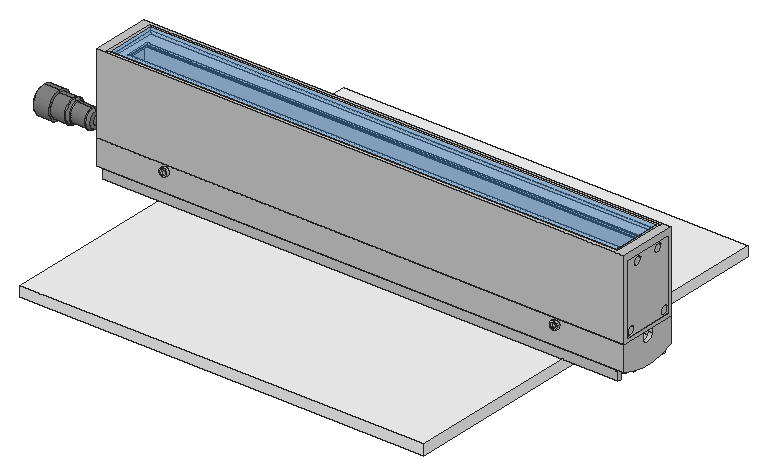
Revit family "BE_77152_de_DE", category Leuchten, Revit 2020
Family settings
  Basisbauteil = Fläche
  Bemaßung runder Anschluss = Durchmesser verwenden
  Teiletyp = Normal
  Beim Laden mit Abzugskörper schneiden = Ja
  Lichtquelle = Ja
  Gemeinsam genutzt = Nein
  Raumberechnungspunkt = Ja
Parameters (values of type "BEGA_77152_Silber_K3")
  built-in parameter 1150104 = 12.525 (stored number, unit not read)
  Wattage = 16.8 W
  Default Elevation = 0 mm
  built-in parameter 1150113 = 1 (stored number, unit not read)
  built-in parameter 1114218 = 1 (stored number, unit not read)
  Umgebungstemperatur = "25 °C"
  URL = "https://www.bega.com/de/produkt/77152"
  Typenkommentare = "© 2022 BEGA. Wir behalten uns das Recht vor, technische Änderungen ohne vorherige Ankündigung vorzunehmen."  # constant formula
  Type Image = 77152.png
  built-in parameter 1150134 = (empty or 0)
  built-in parameter 1150109 = 1 (stored number, unit not read)
  Strom = ""
  built-in parameter 1150110 = 1 (stored number, unit not read)
  Spannung = 239.996 V
  Sonderanfertigung = no
  Seriennummer [instance] = "Hier können Sie die eindeutige Seriennummer für das Facility Management eintragen."
  Schutzklasse = "I"
  Schutzart = "IP 65"
  Scheinlast = 0 VA
  Produktdatenblatt = "https://cdn.bega.com/bega/products/77152K3/current/documents/data-sheets/de"
  Oberflächentemperatur = ""
  Neigungswinkel = 0.00°
  Modell = "77152AK3"
  Material_18 = BEGA_Gummi_schwarz
  Material_17 = BEGA_Reflektor
  Material_15 = BEGA_Leuchtmedium_matt
  Material_11 = BEGA_Glas_opal
  Material_10 = BEGA_Glas_matt
  Material_09 = BEGA_Glas_klar
  Material_06 = BEGA_Oberfläche_Edelstahl_gebürstet
  Material_04 = BEGA_Kunststoff_Grafit_matt
  Material_03 = BEGA_Oberfläche_Weiss_matt
  Material_02 = BEGA_Oberfläche_Silber_matt
  Material_01 [instance] = BEGA_Oberfläche_Grafit_matt
  M_G = no
  M_A = yes
  Logo = 0
  built-in parameter 1114217 = 1 (stored number, unit not read)
  built-in parameter 1150139 = (empty or 0)
  built-in parameter 1150105 = 180.24 (stored number, unit not read)
  built-in parameter 1150114 = 1 (stored number, unit not read)
  Lumens = 2264.98 lm
  built-in parameter 1150115 = 1 (stored number, unit not read)
  Leuchtenlichtstrom = "1341 lm"
  Leuchtenanzahl = ""
  Lebensdauerkriterien = "L70B50 @ 25 °C = 200000 h"
  Lastklassifizierung = Beleuchtung
  built-in parameter 1150112 = 1 (stored number, unit not read)
  Lampenlichtstrom = "2595 lm"
  Lampe = "LED 13.4 W"
  LED_Modulbezeichnung = "LED-0928/830"
  built-in parameter 1150142 = (empty or 0)
  Hersteller = "BEGA"  # constant formula
  Halbstreuwinkel = ""
  Gewicht = "3.0 kg"
  Gebrauchslageneinschränkung [instance] = ""
  Frequenz = "0/50-60 Hz"
  Farbwiedergabeindex = "CRI > 80"
  Farbtemperaturverschiebung bei Dämpfen der Lampe = <Keine Auswahl>
  Farbtemperatur = "3000 K"
  Color Filter = 16777215
  built-in parameter 1150133 = 10 (stored number, unit not read)
  Energieeffizienzklasse = "LED A++ - A"
  built-in parameter 1150137 = (empty or 0)
  built-in parameter 1150132 = (empty or 0)
  ENEC = "ja"
  Dimmbar [instance] = "DALI"
  Datei für fotometrisches Netz = "BE_77152K3.IES"
  CE_Konformität = "ja"
  Bestellnummer = "77152AK3"
  Beschreibung_Sonderanfertigung = "Hier können Sie Informationen zur Sonderanfertigung eintragen."
  Beschreibung = "Fassadenscheinwerfer"
  built-in parameter 1150106 = 1.8024 (stored number, unit not read)
  Befestigungsbohrung = "Ø 7 mm"
  Befestigungsabstand = "395 mm"
  Ballwurfsicher = ""
  BEGA_Intern_aus = yes
  BEGA_Intern_an = yes
  BEGA_Intern_Konstruktion = yes
  BEGA_Intern = yes
  BEGA_IES = yes
  BEGA_Dummy = no
  Anschlussleitung = "0.5 m X05BQ-F 5 G 1 mm²"
  Anschlussleistung [instance] = "15.5 W"
  Anschlusskasten = ""
  built-in parameter 1150107 = 3000 (stored number, unit not read)
  built-in parameter 1150102 = (empty or 0)
  built-in parameter 1150138 = (empty or 0)
  Aktualisierung = "2022-05-19T04:00:07"
  Abstand_zur_angestrahlten_Fläche [instance] = ""
  AC/DC = "AC/DC"
Types (4, lengths in mm): name | built-in parameter 1150104 | built-in parameter 1150134 | Modell | M_G | M_A | built-in parameter 1150105 | Lumens | Leuchtenlichtstrom | Lampenlichtstrom | LED_Modulbezeichnung | Farbtemperatur | Datei für fotometrisches Netz | Bestellnummer | built-in parameter 1150106 | built-in parameter 1150107
  BEGA_77152_Grafit_K3 | 12.525 (stored number, unit not read) | (empty or 0) | "77152K3" | yes | no | 180.24 (stored number, unit not read) | 2264.98 lm | "1341 lm" | "2595 lm" | "LED-0928/830" | "3000 K" | "BE_77152K3.IES" | "77152K3" | 1.8024 (stored number, unit not read) | 3000 (stored number, unit not read)
  BEGA_77152_Silber_K4 | 13.686 (stored number, unit not read) | 12 | "77152AK4" | no | yes | 196.95 (stored number, unit not read) | 2474.98 lm | "1379 lm" | "2670 lm" | "LED-0928/840" | "4000 K" | "BE_77152K4.IES" | "77152AK4" | 1.9695 (stored number, unit not read) | 4000 (stored number, unit not read)
  BEGA_77152_Silber_K3 | 12.525 (stored number, unit not read) | (empty or 0) | "77152AK3" | no | yes | 180.24 (stored number, unit not read) | 2264.98 lm | "1341 lm" | "2595 lm" | "LED-0928/830" | "3000 K" | "BE_77152K3.IES" | "77152AK3" | 1.8024 (stored number, unit not read) | 3000 (stored number, unit not read)
  BEGA_77152_Grafit_K4 | 13.686 (stored number, unit not read) | 12 | "77152K4" | yes | no | 196.95 (stored number, unit not read) | 2474.98 lm | "1379 lm" | "2670 lm" | "LED-0928/840" | "4000 K" | "BE_77152K4.IES" | "77152K4" | 1.9695 (stored number, unit not read) | 4000 (stored number, unit not read)
Reference planes
  plane 1 "Mitte (Vorne/Hinten)": y = 0
  plane 2: z = 0
  plane 3 "Mitte (Links/Rechts)": x = 0
  plane 4 "Links": x = -261
  plane 5 "Rechts": x = 261
  plane 6 "Unten": y = -29
  plane 7 "Oben": y = 29
  plane 8 "Vorne": z = 113.3
  plane 9 "Hinten": z = -10
Forms (mm)
  Extrusion 1, solid, material "BEGA_Platte_Weiss"
    sketch origin (0, -1119.2, 0) x (1, 0, 0) y (0, 1, 0)
      loop
        line (-200, 1319.2) -> (-200, 919.2) -> (200, 919.2) -> (200, 1319.2) -> (-200, 1319.2)
    from 0 to -10
  Extrusion 2, solid, material "BEGA_Dummy_matt", visible <- "BEGA_Dummy"
    sketch origin (80.095, -76.023, 0) x (1, 0, 0) y (0, 1, 0)
      loop
        line (-341.095, 105.023) -> (-341.095, 47.023) -> (180.905, 47.023) -> (180.905, 105.023) -> (-341.095, 105.023)
    from 0 to 113.3
Dimensions and locks
  plane 1 "Mitte (Vorne/Hinten)" to Extrusion 1 = 200 mm
  aligned and locked: plane 2 to Extrusion 1
  aligned and locked: level to Extrusion 1
Nested families
  nested 1: "BE_77152_Scheinwerfer" at (0, 0, 0), type "BE_77152_Scheinwerfer"
Connectors
  electrical at (0, 0, 0), driven by "Lastklassifizierung", driven by "Spannung", driven by "Scheinlast"
    settings: index 1, voltage 239.996 V, apparent load 0 VA, apparent load phase1 0 VA, apparent load phase2 0 VA, apparent load phase3 0 VA, power factor 1, load classification "Beleuchtung", number of poles 1, system type 31, power factor state 1, is connector primary yes, connector utility no, sub classification motor no, connector description ""
Definition of nested family "BE_77152_Scheinwerfer"
  Parameters (values of type "BE_77152_Scheinwerfer")
    Default Elevation = 1 mm
    URL = "http://www.bega.de/de/produkt"
    Type Comments = "© 2015 BEGA. Wir behalten uns das Recht vor, technische Änderungen ohne vorherige Ankündigung vorzunehmen. "  # constant formula
    Type Image = (empty or 0)
    Material_18 = none
    Material_17 = none
    Material_15 = none
    Material_11 = none
    Material_10 = none
    Material_09 = none
    Material_06 = none
    Material_04 = none
    Material_03 = none
    Material_02 = none
    Material_01 = none
    M_W = yes
    M_G = yes
    M_A = yes
    Länge_Platte = 600 mm  # constant formula
    Höhe_Platte = -10 mm  # constant formula
    Manufacturer = "BEGA"  # constant formula
    Breite_Platte = 200 mm  # constant formula
  Reference planes
    plane 1 "Mitte (Oben/Unten)": y = 0
    plane 2: z = 0
    plane 3 "Mitte (Links/Rechts)": x = 0
    plane 4: x = -342.9
    plane 5: x = 261
    plane 6: z = 113.3
    plane 7: y = -29
    plane 8: y = 29
  Forms (mm)
    Extrusion 1, solid, detail levels medium
      sketch origin (0, 0, 0) x (1, 0, 0) y (0, 1, 0)
        loop
          line (-300, 100) -> (-300, -100) -> (300, -100) -> (300, 100) -> (-300, 100)
      from 0 to -10 <- "Höhe_Platte"
    Extrusion 2, solid, material <- "Material_01", visible <- "M_G", detail levels medium+fine
      sketch origin (0, 0, 0) x (0, 1, 0) y (0, 0, 1)
        loop
          line (-29, 0) -> (-26.3, 0) -> (-26.3, 4.91)
          arc (-26.3, 4.91) -> (-26.086, 5.32) -> (-25.627, 5.379) r 0.5
          arc (-25.627, 5.379) -> (-17.92, 3.003) -> (-10, 1.479) r 74
          line (-10, 1.479) -> (-10, 0.2) -> (10, 0.2) -> (10, 1.482)
          arc (10, 1.482) -> (17.921, 3.006) -> (25.629, 5.383) r 73.998
          arc (25.629, 5.383) -> (26.086, 5.326) -> (26.299, 4.918) r 0.497
          line (26.299, 4.918) -> (26.299, 0) -> (29, 0) -> (29, 8.899)
          arc (29, 8.899) -> (28.775, 9.317) -> (28.302, 9.358) r 0.5
          arc (28.302, 9.358) -> (0, 3.5) -> (-28.301, 9.358) r 71.3
          arc (-28.301, 9.358) -> (-28.774, 9.317) -> (-29, 8.899) r 0.5
          line (-29, 8.899) -> (-29, 0)
      from -255 to 255
    Extrusion 3, solid, material <- "Material_01", visible <- "M_G", detail levels medium+fine
      sketch origin (0, 0, 0) x (0, 1, 0) y (0, 0, 1)
        loop
          arc (-29, 9.993) -> (0, 3.8) -> (29, 9.993) r 71
          line (29, 9.993) -> (29, 34.8) -> (25.401, 34.8) -> (25.401, 12.395)
          arc (25.401, 12.395) -> (0, 7.696) -> (-25.401, 12.395) r 71
          line (-25.401, 12.395) -> (-25.401, 34.8) -> (-29, 34.8) -> (-29, 9.993)
      from -261 to 261
    Sweep 4, solid, material <- "Material_01", visible <- "M_G", detail levels medium+fine
      path origin (0, 0, 0) x (1, 0, 0) y (0, 1, 0)
        loop
          line (-261, 29) -> (-261, -29) -> (261, -29) -> (261, 29) -> (-261, 29)
      profile origin (-261, 0, 0) x (1, 0, 0) y (0, 0, 1)
        loop
          line (0, 113.3) -> (0, 34.8) -> (11, 34.8) -> (11, 40.679) -> (3.5, 40.679) -> (3.5, 103.406) -> (17.035, 103.406)
          arc (17.035, 103.406) -> (17.719, 103.711) -> (18, 104.406) r 1
          line (18, 104.406) -> (18, 105.896)
          arc (18, 105.896) -> (17.713, 106.596) -> (17.017, 106.895) r 1
          line (17.017, 106.895) -> (11.125, 106.895) -> (8.794, 113.3) -> (0, 113.3)
    Extrusion 5, void
      sketch origin (0, 0, 0) x (1, 0, 0) y (0, 0, 1)
        loop
          line (261, 37.756) -> (261, 107.746) -> (258.218, 107.746) -> (258.218, 37.756) -> (261, 37.756)
      from -26.267 to 26.244
    Extrusion 6, solid, material <- "Material_01", visible <- "M_G", detail levels medium+fine
      sketch origin (0, 0, 0) x (1, 0, 0) y (0, 0, 1)
        loop
          line (260.719, 106.748) -> (258.218, 106.748) -> (258.218, 38.353) -> (260.719, 38.353) -> (260.719, 106.748)
      from -25.5 to 25.5
    Extrusion 7, solid, material <- "Material_01", visible <- "M_G", detail levels medium+fine
      sketch origin (0, 0, 0) x (0, 1, 0) y (0, 0, 1)
        loop
          line (-29, 34.8) -> (-29, 9.993)
          arc (-29, 9.993) -> (0, 3.8) -> (29, 9.993) r 71
          line (29, 9.993) -> (29, 34.8) -> (6, 34.8) -> (6, 29.8)
          arc (6, 29.8) -> (0, 23.8) -> (-6, 29.8) r 6
          line (-6, 29.8) -> (-6, 34.8) -> (-29, 34.8)
      from 257 to 261
    Extrusion 8, solid, material <- "Material_01", visible <- "M_G", detail levels medium+fine
      sketch origin (0, 0, 0) x (0, 1, 0) y (0, 0, -1)
        loop
          line (-29, -34.8) -> (-6, -34.8) -> (-6, -29.8)
          arc (-6, -29.8) -> (0, -23.8) -> (6, -29.8) r 6
          line (6, -29.8) -> (6, -34.8) -> (29, -34.8) -> (29, -10.487)
          arc (29, -10.487) -> (0, -4.294) -> (-29, -10.487) r 71
          line (-29, -10.487) -> (-29, -34.8)
      from 257 to 261
    Extrusion 9, void
      sketch origin (0, 0, 0) x (1, 0, 0) y (0, 1, 0)
        loop
          circle (0, 0) r 7.5
        loop
          circle (-200, 0) r 3.5
        loop
          circle (200, 0) r 3.5
      from 0 to 10
    Revolve 10, solid, material <- "Material_01", visible <- "M_G", detail levels medium+fine
      sketch origin (-193, 0, 0) x (0, 1, 0) y (0, 0, 1)
        loop
          line (-31.453, 32.75) -> (-31.453, 31.8) -> (-27.5, 31.8) -> (-27.5, 32.75) -> (-31.453, 32.75)
        axis (-31.453, 28.8) -> (-27.5, 28.8)
      angle from 0 to 360
    Revolve 11, solid, material <- "Material_01", visible <- "M_G", detail levels medium+fine
      sketch origin (193, 0, 0) x (0, 1, 0) y (0, 0, -1)
        loop
          line (-31.453, -32.75) -> (-27.5, -32.75) -> (-27.5, -31.8) -> (-31.453, -31.8) -> (-31.453, -32.75)
        axis (-31.453, -28.8) -> (-27.5, -28.8)
      angle from 0 to 360
    Revolve 12, solid, material <- "Material_06", detail levels fine
      sketch origin (-193, 0, 0) x (0, 1, 0) y (0, 0, 1)
        loop
          line (-30.053, 31.8) -> (-30.053, 28.8) -> (-26.193, 28.8) -> (-26.193, 31.8) -> (-30.053, 31.8)
        axis (-30.053, 28.8) -> (-26.193, 28.8)
      angle from 0 to 360
    Revolve 13, solid, material <- "Material_06", detail levels fine
      sketch origin (193, 0, 0) x (0, 1, 0) y (0, 0, -1)
        loop
          line (-30.053, -31.8) -> (-26.193, -31.8) -> (-26.193, -28.8) -> (-30.053, -28.8) -> (-30.053, -31.8)
        axis (-30.053, -28.8) -> (-26.193, -28.8)
      angle from 0 to 360
    Revolve 14, solid, material <- "Material_04", detail levels medium+fine
      sketch origin (0, 0, 0) x (1, 0, 0) y (0, 0, 1)
        loop
          line (-320.8, 43.3) -> (-335.5, 43.3) -> (-336.7, 42.1) -> (-336.7, 32.8) -> (-342.9, 32.8) -> (-342.9, 29.8) -> (-260.5, 29.8) -> (-260.5, 34.15) -> (-284, 34.15) -> (-284, 37.8) -> (-287, 39.3) -> (-288, 39.3)
          arc (-288, 39.3) -> (-288.146, 38.947) -> (-288.5, 38.8) r 0.5
          line (-288.5, 38.8) -> (-302.464, 38.8)
          arc (-302.464, 38.8) -> (-303.418, 38.99) -> (-304.228, 39.528) r 2.5
          line (-304.228, 39.528) -> (-305.707, 41.008)
          arc (-305.707, 41.008) -> (-306.032, 41.224) -> (-306.414, 41.3) r 1
          line (-306.414, 41.3) -> (-320, 41.3) -> (-320, 39.8) -> (-320.8, 39.8) -> (-320.8, 43.3)
        axis (-342.9, 29.8) -> (-260.5, 29.8)
      angle from 0 to 360
    Revolve 15, void
      sketch origin (0, -12.5, -0.101) x (1, 0, 0) y (0, 0, 1)
        loop
          line (261.225, 106.482) -> (258.494, 103.752) -> (258.494, 101.902) -> (261.225, 101.902) -> (261.225, 106.482)
        axis (258.494, 101.902) -> (261.225, 101.902)
      angle from 0 to 360
    Revolve 16, void
      sketch origin (0, 12.5, -0.101) x (1, 0, 0) y (0, 0, -1)
        loop
          line (261.225, -106.482) -> (261.225, -101.902) -> (258.494, -101.902) -> (258.494, -103.752) -> (261.225, -106.482)
        axis (258.494, -101.902) -> (261.225, -101.902)
      angle from 0 to 360
    Revolve 17, void
      sketch origin (0, -20.5, -58.602) x (1, 0, 0) y (0, 0, 1)
        loop
          line (261.225, 106.482) -> (258.494, 103.752) -> (258.494, 101.902) -> (261.225, 101.902) -> (261.225, 106.482)
        axis (258.494, 101.902) -> (261.225, 101.902)
      angle from 0 to 360
    Revolve 18, void
      sketch origin (0, 20.5, -58.602) x (1, 0, 0) y (0, 0, -1)
        loop
          line (261.225, -106.482) -> (261.225, -101.902) -> (258.494, -101.902) -> (258.494, -103.752) -> (261.225, -106.482)
        axis (258.494, -101.902) -> (261.225, -101.902)
      angle from 0 to 360
    Extrusion 19, solid, material <- "Material_06", detail levels fine
      sketch origin (0, 0, 0) x (0, 1, 0) y (0, 0, 1)
        loop
          circle (-12.5, 101.8) r 4.009
        loop
          circle (12.5, 101.8) r 4.009
        loop
          circle (-20.5, 43.3) r 4.009
        loop
          circle (20.5, 43.3) r 4.009
      from 259.244 to 260.506
    Extrusion 20, solid, material <- "Material_10", detail levels medium+fine
      sketch origin (0, 0, 0) x (1, 0, 0) y (0, 0, 1)
        loop
          line (-250.25, 113) -> (-250.25, 109) -> (250.25, 109) -> (250.25, 113) -> (-250.25, 113)
      from -25 to 25
    Sweep 21, void
      path origin (0, 0, 0) x (1, 0, 0) y (0, 1, 0)
        loop
          line (255, 29) -> (-255, 29) -> (-255, -29) -> (255, -29) -> (255, 29)
      profile origin (0, 29, 0) x (0, -1, 0) y (0, 0, 1)
        loop
          line (12.06, 106.895) -> (9.517, 113.881) -> (2.237, 113.881) -> (4.779, 106.895) -> (12.06, 106.895)
    Extrusion 22, solid, material <- "Material_02", visible <- "M_A", detail levels medium+fine
      sketch origin (0, 0, 0) x (0, 1, 0) y (0, 0, 1)
        loop
          line (-29, 0) -> (-26.3, 0) -> (-26.3, 4.91)
          arc (-26.3, 4.91) -> (-26.086, 5.32) -> (-25.627, 5.379) r 0.5
          arc (-25.627, 5.379) -> (-17.92, 3.003) -> (-10, 1.479) r 74
          line (-10, 1.479) -> (-10, 0.2) -> (10, 0.2) -> (10, 1.482)
          arc (10, 1.482) -> (17.921, 3.006) -> (25.629, 5.383) r 73.998
          arc (25.629, 5.383) -> (26.086, 5.326) -> (26.299, 4.918) r 0.497
          line (26.299, 4.918) -> (26.299, 0) -> (29, 0) -> (29, 8.899)
          arc (29, 8.899) -> (28.775, 9.317) -> (28.302, 9.358) r 0.5
          arc (28.302, 9.358) -> (0, 3.5) -> (-28.301, 9.358) r 71.3
          arc (-28.301, 9.358) -> (-28.774, 9.317) -> (-29, 8.899) r 0.5
          line (-29, 8.899) -> (-29, 0)
      from -255 to 255
    Extrusion 23, solid, material <- "Material_02", visible <- "M_A", detail levels medium+fine
      sketch origin (0, 0, 0) x (0, 1, 0) y (0, 0, 1)
        loop
          arc (-29, 9.993) -> (0, 3.8) -> (29, 9.993) r 71
          line (29, 9.993) -> (29, 34.8) -> (25.401, 34.8) -> (25.401, 12.395)
          arc (25.401, 12.395) -> (0, 7.696) -> (-25.401, 12.395) r 71
          line (-25.401, 12.395) -> (-25.401, 34.8) -> (-29, 34.8) -> (-29, 9.993)
      from -261 to 261
    Extrusion 24, solid, material <- "Material_02", visible <- "M_A", detail levels medium+fine
      sketch origin (0, 0, 0) x (0, 1, 0) y (0, 0, 1)
        loop
          line (-29, 34.8) -> (-29, 9.993)
          arc (-29, 9.993) -> (0, 3.8) -> (29, 9.993) r 71
          line (29, 9.993) -> (29, 34.8) -> (6, 34.8) -> (6, 29.8)
          arc (6, 29.8) -> (0, 23.8) -> (-6, 29.8) r 6
          line (-6, 29.8) -> (-6, 34.8) -> (-29, 34.8)
      from 257 to 261
    Extrusion 25, solid, material <- "Material_02", visible <- "M_A", detail levels medium+fine
      sketch origin (0, 0, 0) x (0, 1, 0) y (0, 0, -1)
        loop
          line (-29, -34.8) -> (-6, -34.8) -> (-6, -29.8)
          arc (-6, -29.8) -> (0, -23.8) -> (6, -29.8) r 6
          line (6, -29.8) -> (6, -34.8) -> (29, -34.8) -> (29, -10.487)
          arc (29, -10.487) -> (0, -4.294) -> (-29, -10.487) r 71
          line (-29, -10.487) -> (-29, -34.8)
      from 257 to 261
    Revolve 26, solid, material <- "Material_02", visible <- "M_A", detail levels medium+fine
      sketch origin (-193, 0, 0) x (0, 1, 0) y (0, 0, 1)
        loop
          line (-31.453, 32.75) -> (-31.453, 31.8) -> (-27.5, 31.8) -> (-27.5, 32.75) -> (-31.453, 32.75)
        axis (-31.453, 28.8) -> (-27.5, 28.8)
      angle from 0 to 360
    Revolve 27, solid, material <- "Material_02", visible <- "M_A", detail levels medium+fine
      sketch origin (193, 0, 0) x (0, 1, 0) y (0, 0, -1)
        loop
          line (-31.453, -32.75) -> (-27.5, -32.75) -> (-27.5, -31.8) -> (-31.453, -31.8) -> (-31.453, -32.75)
        axis (-31.453, -28.8) -> (-27.5, -28.8)
      angle from 0 to 360
    Sweep 28, solid, material <- "Material_02", visible <- "M_A", detail levels medium+fine
      path origin (0, 0, 0) x (1, 0, 0) y (0, 1, 0)
        loop
          line (-261, 29) -> (-261, -29) -> (261, -29) -> (261, 29) -> (-261, 29)
      profile origin (-261, 0, 0) x (1, 0, 0) y (0, 0, 1)
        loop
          line (0, 113.3) -> (0, 34.8) -> (11, 34.8) -> (11, 40.679) -> (3.5, 40.679) -> (3.5, 103.406) -> (17.035, 103.406)
          arc (17.035, 103.406) -> (17.719, 103.711) -> (18, 104.406) r 1
          line (18, 104.406) -> (18, 105.896)
          arc (18, 105.896) -> (17.713, 106.596) -> (17.017, 106.895) r 1
          line (17.017, 106.895) -> (11.125, 106.895) -> (8.794, 113.3) -> (0, 113.3)
    Extrusion 29, solid, material <- "Material_02", visible <- "M_A", detail levels medium+fine
      sketch origin (0, 0, 0) x (1, 0, 0) y (0, 0, 1)
        loop
          line (260.719, 106.748) -> (258.218, 106.748) -> (258.218, 38.353) -> (260.719, 38.353) -> (260.719, 106.748)
      from -25.5 to 25.5
  Cuts and joins
    Extrusion 5, Sweep 21 cuts Sweep 4
    Extrusion 9 cuts Extrusion 3
    Extrusion 9 cuts Extrusion 7
    Extrusion 9 cuts Extrusion 8
    joined: Extrusion 3, Extrusion 7, Extrusion 8, Revolve 10, Revolve 11
    Extrusion 9 cuts Extrusion 2
    Revolve 15, Revolve 16, Revolve 17, Revolve 18 cuts Extrusion 6
    Extrusion 9 cuts Extrusion 22
    joined: Extrusion 23, Extrusion 24, Extrusion 25, Revolve 26, Revolve 27
    Extrusion 5, Sweep 21 cuts Sweep 28
    Revolve 15, Revolve 16, Revolve 17, Revolve 18 cuts Extrusion 29
  Dimensions and locks
    equal spacing: Extrusion 1 sketch curve, plane 3 "Mitte (Links/Rechts)", Extrusion 1 sketch curve
    equal spacing: Extrusion 1 sketch curve, plane 1 "Mitte (Oben/Unten)", Extrusion 1 sketch curve
    "Länge_Platte": Extrusion 1 sketch curve to Extrusion 1 sketch curve
    "Breite_Platte": Extrusion 1 sketch curve to Extrusion 1 sketch curve
    level to Extrusion 3 = 34.8 mm
    aligned and locked: Extrusion 1 to plane 2
    aligned and locked: level to Extrusion 1
  Automatic sketch dimensions
    Extrusion 2 sketch curve to Extrusion 2 sketch curve = 0 mm  (x5)
    Extrusion 2 sketch curve to level = 0 mm  (x2)
    level to Extrusion 2 sketch curve = 8.899 mm
    plane 1 "Mitte (Oben/Unten)" to Extrusion 2 sketch curve = 29 mm
    Extrusion 2 sketch curve to Extrusion 2 sketch curve = 0.5 mm  (x2)
    Extrusion 2 sketch curve to Extrusion 2 sketch curve = 2.7 mm
    level to Extrusion 2 sketch curve = 0.2 mm
    plane 1 "Mitte (Oben/Unten)" to Extrusion 2 sketch curve = 10 mm
    Extrusion 2 sketch curve to plane 1 "Mitte (Oben/Unten)" = 0 mm  (x2)
    Extrusion 2 sketch curve to plane 1 "Mitte (Oben/Unten)" = 10 mm
    level to Extrusion 2 sketch curve = 4.918 mm
    Extrusion 2 sketch curve to Extrusion 2 sketch curve = 15.802 mm
    Extrusion 2 sketch curve to Extrusion 2 sketch curve = 0.497 mm
    Extrusion 2 sketch curve to Extrusion 2 sketch curve = 2.201 mm
    Extrusion 2 sketch curve to Extrusion 2 sketch curve = 2.701 mm
    Extrusion 2 sketch curve to Extrusion 2 sketch curve = 1.279 mm
    Extrusion 2 sketch curve to Extrusion 2 sketch curve = 1.282 mm
    Extrusion 2 sketch curve to Extrusion 2 sketch curve = 3.989 mm
    Extrusion 2 sketch curve to Extrusion 2 sketch curve = 3.981 mm
    Extrusion 2 sketch curve to Extrusion 2 sketch curve = 65.901 mm
    Extrusion 2 sketch curve to Extrusion 2 sketch curve = 0.002 mm
    Extrusion 2 sketch curve to Extrusion 2 sketch curve = 0.198 mm  (x2)
    Extrusion 3 sketch curve to plane 1 "Mitte (Oben/Unten)" = 0 mm  (x2)
    plane 1 "Mitte (Oben/Unten)" to Extrusion 3 sketch curve = 25.401 mm
    Extrusion 3 sketch curve to Extrusion 3 sketch curve = 3.599 mm  (x2)
    level to Extrusion 3 sketch curve = 12.395 mm
    Extrusion 3 sketch curve to plane 1 "Mitte (Oben/Unten)" = 25.401 mm
    Extrusion 3 sketch curve to Extrusion 3 sketch curve = 2.402 mm
    Extrusion 3 sketch curve to Extrusion 3 sketch curve = 22.405 mm  (x2)
    Extrusion 3 sketch curve to Extrusion 3 sketch curve = 40 mm
    Extrusion 3 sketch curve to Extrusion 3 sketch curve = 3.895 mm
    plane 1 "Mitte (Oben/Unten)" to Sweep 4 sketch curve = 29 mm
    Sweep 4 sketch curve to plane 3 "Mitte (Links/Rechts)" = 261 mm
    plane 3 "Mitte (Links/Rechts)" to Sweep 4 sketch curve = 261 mm
    Sweep 4 sketch curve to plane 1 "Mitte (Oben/Unten)" = 29 mm
    profile plane to Sweep 4 sketch curve = 0 mm
    Sweep 4 sketch curve to profile plane = 3.5 mm
    Sweep 4 sketch curve to profile plane = 8.794 mm
    Sweep 4 sketch curve to Sweep 4 sketch curve = 7.5 mm
    Sweep 4 sketch curve to Sweep 4 sketch curve = 2.331 mm
    Sweep 4 sketch curve to Sweep 4 sketch curve = 5.875 mm
    Sweep 4 sketch curve to Sweep 4 sketch curve = 0 mm
    Sweep 4 sketch curve to Sweep 4 sketch curve = 0.017 mm
    Sweep 4 sketch curve to Sweep 4 sketch curve = 0.035 mm
    Sweep 4 sketch curve to Sweep 4 sketch curve = 1 mm
    level to Sweep 4 sketch curve = 34.8 mm
    Sweep 4 sketch curve to Sweep 4 sketch curve = 5.878 mm
    Sweep 4 sketch curve to Sweep 4 sketch curve = 62.728 mm
    Sweep 4 sketch curve to Sweep 4 sketch curve = 1.49 mm
    Sweep 4 sketch curve to Sweep 4 sketch curve = 9.894 mm
    level to Extrusion 5 sketch curve = 37.756 mm
    plane 3 "Mitte (Links/Rechts)" to Extrusion 5 sketch curve = 258.218 mm
    Extrusion 5 sketch curve to Extrusion 5 sketch curve = 2.782 mm
    Extrusion 5 sketch curve to Extrusion 5 sketch curve = 69.99 mm
    level to Extrusion 6 sketch curve = 38.353 mm
    plane 3 "Mitte (Links/Rechts)" to Extrusion 6 sketch curve = 258.218 mm
    Extrusion 6 sketch curve to Extrusion 6 sketch curve = 2.501 mm
    Extrusion 6 sketch curve to Extrusion 6 sketch curve = 68.395 mm
    Extrusion 7 sketch curve to plane 1 "Mitte (Oben/Unten)" = 0 mm  (x2)
    plane 1 "Mitte (Oben/Unten)" to Extrusion 7 sketch curve = 6 mm
    Extrusion 7 sketch curve to Extrusion 7 sketch curve = 23 mm
    level to Extrusion 7 sketch curve = 9.993 mm
    Extrusion 7 sketch curve to plane 1 "Mitte (Oben/Unten)" = 29 mm
    level to Extrusion 7 sketch curve = 29.8 mm
    Extrusion 7 sketch curve to Extrusion 7 sketch curve = 5 mm  (x2)
    Extrusion 7 sketch curve to Extrusion 7 sketch curve = 40 mm
    Extrusion 8 sketch curve to plane 1 "Mitte (Oben/Unten)" = 0 mm  (x2)
    plane 1 "Mitte (Oben/Unten)" to Extrusion 8 sketch curve = 6 mm
    Extrusion 8 sketch curve to Extrusion 8 sketch curve = 23 mm
    level to Extrusion 8 sketch curve = 10.487 mm
    Extrusion 8 sketch curve to plane 1 "Mitte (Oben/Unten)" = 29 mm
    level to Extrusion 8 sketch curve = 29.8 mm
    Extrusion 8 sketch curve to Extrusion 8 sketch curve = 5 mm  (x2)
    Extrusion 8 sketch curve to Extrusion 8 sketch curve = 40.494 mm
    Extrusion 9 sketch curve to plane 1 "Mitte (Oben/Unten)" = 0 mm
    plane 1 "Mitte (Oben/Unten)" to Extrusion 9 sketch curve = 0 mm  (x2)
    Extrusion 9 sketch curve to plane 3 "Mitte (Links/Rechts)" = 0 mm
    Extrusion 9 sketch curve to Extrusion 9 sketch curve = 200 mm
    plane 3 "Mitte (Links/Rechts)" to Extrusion 9 sketch curve = 200 mm
    plane 1 "Mitte (Oben/Unten)" to Revolve 10 sketch curve = 31.453 mm
    Revolve 10 sketch curve to Revolve 10 sketch curve = 3.953 mm
    level to Revolve 10 sketch curve = 31.8 mm
    Revolve 10 sketch curve to Revolve 10 sketch curve = 0.95 mm
    Revolve 10 sketch curve to Revolve 10 sketch curve = 0.641 mm
    Revolve 10 sketch curve to Revolve 10 sketch curve = 2.294 mm
    Revolve 10 sketch curve to Revolve 10 sketch curve = 3 mm
    plane 1 "Mitte (Oben/Unten)" to Revolve 11 sketch curve = 31.453 mm
    Revolve 11 sketch curve to Revolve 11 sketch curve = 3.953 mm
    level to Revolve 11 sketch curve = 32.75 mm
    Revolve 11 sketch curve to Revolve 11 sketch curve = 0.95 mm
    Revolve 11 sketch curve to Revolve 11 sketch curve = 0.641 mm
    Revolve 11 sketch curve to Revolve 11 sketch curve = 2.294 mm
    Revolve 11 sketch curve to Revolve 11 sketch curve = 3 mm
    plane 1 "Mitte (Oben/Unten)" to Revolve 12 sketch curve = 30.053 mm
    Revolve 12 sketch curve to Revolve 12 sketch curve = 3.861 mm
    level to Revolve 12 sketch curve = 28.8 mm
    Revolve 12 sketch curve to Revolve 12 sketch curve = 3 mm
    Revolve 12 sketch curve to Revolve 12 sketch curve = 1.053 mm
    Revolve 12 sketch curve to Revolve 12 sketch curve = 1.25 mm
    Revolve 12 sketch curve to Revolve 12 sketch curve = 0 mm
    plane 1 "Mitte (Oben/Unten)" to Revolve 13 sketch curve = 30.053 mm
    Revolve 13 sketch curve to Revolve 13 sketch curve = 3.861 mm
    level to Revolve 13 sketch curve = 31.8 mm
    Revolve 13 sketch curve to Revolve 13 sketch curve = 3 mm
    Revolve 13 sketch curve to Revolve 13 sketch curve = 1.053 mm
    Revolve 13 sketch curve to Revolve 13 sketch curve = 1.25 mm
    Revolve 13 sketch curve to Revolve 13 sketch curve = 0 mm
    level to Revolve 14 sketch curve = 29.8 mm
    Revolve 14 sketch curve to plane 3 "Mitte (Links/Rechts)" = 342.9 mm
    level to Revolve 14 sketch curve = 42.1 mm
    Revolve 14 sketch curve to Revolve 14 sketch curve = 6.2 mm
    level to Revolve 14 sketch curve = 43.3 mm
    Revolve 14 sketch curve to Revolve 14 sketch curve = 1.2 mm
    Revolve 14 sketch curve to Revolve 14 sketch curve = 14.7 mm
    Revolve 14 sketch curve to Revolve 14 sketch curve = 0.8 mm
    Revolve 14 sketch curve to Revolve 14 sketch curve = 13.586 mm
    level to Revolve 14 sketch curve = 39.528 mm
    Revolve 14 sketch curve to Revolve 14 sketch curve = 2.187 mm
    Revolve 14 sketch curve to Revolve 14 sketch curve = 1.763 mm
    Revolve 14 sketch curve to Revolve 14 sketch curve = 13.964 mm
    Revolve 14 sketch curve to Revolve 14 sketch curve = 0.5 mm
    Revolve 14 sketch curve to Revolve 14 sketch curve = 1 mm  (x2)
    level to Revolve 14 sketch curve = 37.8 mm
    Revolve 14 sketch curve to Revolve 14 sketch curve = 3 mm  (x2)
    Revolve 14 sketch curve to Revolve 14 sketch curve = 23.5 mm
    Revolve 14 sketch curve to Revolve 14 sketch curve = 4.35 mm
    Revolve 14 sketch curve to Revolve 14 sketch curve = 3.5 mm
    Revolve 14 sketch curve to Revolve 14 sketch curve = 0.772 mm
    Revolve 14 sketch curve to Revolve 14 sketch curve = 1.5 mm
    Revolve 14 sketch curve to Revolve 14 sketch curve = 0.707 mm
    level to Revolve 14 sketch curve = 41.008 mm
    Revolve 14 sketch curve to Revolve 14 sketch curve = 0 mm
    Revolve 14 sketch curve to Revolve 14 sketch curve = 3.702 mm
    Revolve 14 sketch curve to Revolve 14 sketch curve = 7.729 mm
    Revolve 14 sketch curve to Revolve 14 sketch curve = 9 mm
    level to Revolve 15 sketch curve = 101.8 mm
    plane 3 "Mitte (Links/Rechts)" to Revolve 15 sketch curve = 258.494 mm
    Revolve 15 sketch curve to Revolve 15 sketch curve = 2.731 mm  (x2)
    Revolve 15 sketch curve to Revolve 15 sketch curve = 1.85 mm
    Revolve 15 sketch curve to Revolve 15 sketch curve = 0 mm  (x2)
    Revolve 15 sketch curve to Revolve 15 sketch curve = 1.225 mm
    level to Revolve 16 sketch curve = 101.8 mm
    plane 3 "Mitte (Links/Rechts)" to Revolve 16 sketch curve = 258.494 mm
    Revolve 16 sketch curve to Revolve 16 sketch curve = 2.731 mm  (x2)
    Revolve 16 sketch curve to Revolve 16 sketch curve = 1.85 mm
    Revolve 16 sketch curve to Revolve 16 sketch curve = 0 mm  (x2)
    Revolve 16 sketch curve to Revolve 16 sketch curve = 1.225 mm
    level to Revolve 17 sketch curve = 43.3 mm
    plane 3 "Mitte (Links/Rechts)" to Revolve 17 sketch curve = 258.494 mm
    Revolve 17 sketch curve to Revolve 17 sketch curve = 2.731 mm  (x2)
    Revolve 17 sketch curve to Revolve 17 sketch curve = 1.85 mm
    Revolve 17 sketch curve to Revolve 17 sketch curve = 0 mm  (x2)
    Revolve 17 sketch curve to Revolve 17 sketch curve = 1.225 mm
    level to Revolve 18 sketch curve = 43.3 mm
    plane 3 "Mitte (Links/Rechts)" to Revolve 18 sketch curve = 258.494 mm
    Revolve 18 sketch curve to Revolve 18 sketch curve = 2.731 mm  (x2)
    Revolve 18 sketch curve to Revolve 18 sketch curve = 1.85 mm
    Revolve 18 sketch curve to Revolve 18 sketch curve = 0 mm  (x2)
    Revolve 18 sketch curve to Revolve 18 sketch curve = 1.225 mm
    plane 1 "Mitte (Oben/Unten)" to Extrusion 19 sketch curve = 20.5 mm
    plane 1 "Mitte (Oben/Unten)" to Extrusion 19 sketch curve = 12.5 mm
    Extrusion 19 sketch curve to plane 1 "Mitte (Oben/Unten)" = 12.5 mm
    Extrusion 19 sketch curve to plane 1 "Mitte (Oben/Unten)" = 20.5 mm
    level to Extrusion 19 sketch curve = 43.3 mm
    Extrusion 19 sketch curve to Extrusion 19 sketch curve = 0 mm  (x2)
    Extrusion 19 sketch curve to Extrusion 19 sketch curve = 58.5 mm
    level to Extrusion 20 sketch curve = 109 mm
    Extrusion 20 sketch curve to plane 3 "Mitte (Links/Rechts)" = 250.25 mm
    plane 3 "Mitte (Links/Rechts)" to Extrusion 20 sketch curve = 250.25 mm
    Extrusion 20 sketch curve to Extrusion 20 sketch curve = 4 mm
    Sweep 21 sketch curve to plane 1 "Mitte (Oben/Unten)" = 29 mm
    Sweep 21 sketch curve to plane 3 "Mitte (Links/Rechts)" = 255 mm
    plane 1 "Mitte (Oben/Unten)" to Sweep 21 sketch curve = 29 mm
    plane 3 "Mitte (Links/Rechts)" to Sweep 21 sketch curve = 255 mm
    Sweep 21 sketch curve to profile plane = 2.237 mm
    Sweep 21 sketch curve to profile plane = 4.779 mm
    Sweep 21 sketch curve to Sweep 21 sketch curve = 7.28 mm  (x2)
    level to Sweep 21 sketch curve = 106.895 mm
    Sweep 21 sketch curve to Sweep 21 sketch curve = 6.985 mm
    Extrusion 22 sketch curve to Extrusion 22 sketch curve = 0 mm  (x5)
    Extrusion 22 sketch curve to level = 0 mm  (x2)
    level to Extrusion 22 sketch curve = 8.899 mm
    plane 1 "Mitte (Oben/Unten)" to Extrusion 22 sketch curve = 29 mm
    Extrusion 22 sketch curve to Extrusion 22 sketch curve = 0.5 mm  (x2)
    Extrusion 22 sketch curve to Extrusion 22 sketch curve = 2.7 mm
    level to Extrusion 22 sketch curve = 0.2 mm
    plane 1 "Mitte (Oben/Unten)" to Extrusion 22 sketch curve = 10 mm
    Extrusion 22 sketch curve to plane 1 "Mitte (Oben/Unten)" = 0 mm  (x2)
    Extrusion 22 sketch curve to plane 1 "Mitte (Oben/Unten)" = 10 mm
    level to Extrusion 22 sketch curve = 4.918 mm
    Extrusion 22 sketch curve to Extrusion 22 sketch curve = 15.802 mm
    Extrusion 22 sketch curve to Extrusion 22 sketch curve = 0.497 mm
    Extrusion 22 sketch curve to Extrusion 22 sketch curve = 2.201 mm
    Extrusion 22 sketch curve to Extrusion 22 sketch curve = 2.701 mm
    Extrusion 22 sketch curve to Extrusion 22 sketch curve = 1.279 mm
    Extrusion 22 sketch curve to Extrusion 22 sketch curve = 1.282 mm
    Extrusion 22 sketch curve to Extrusion 22 sketch curve = 3.989 mm
    Extrusion 22 sketch curve to Extrusion 22 sketch curve = 3.981 mm
    Extrusion 22 sketch curve to Extrusion 22 sketch curve = 65.901 mm
    Extrusion 22 sketch curve to Extrusion 22 sketch curve = 0.002 mm
    Extrusion 22 sketch curve to Extrusion 22 sketch curve = 0.198 mm  (x2)
    Extrusion 23 sketch curve to plane 1 "Mitte (Oben/Unten)" = 0 mm  (x2)
    plane 1 "Mitte (Oben/Unten)" to Extrusion 23 sketch curve = 25.401 mm
    Extrusion 23 sketch curve to Extrusion 23 sketch curve = 3.599 mm  (x2)
    level to Extrusion 23 sketch curve = 12.395 mm
    Extrusion 23 sketch curve to plane 1 "Mitte (Oben/Unten)" = 25.401 mm
    Extrusion 23 sketch curve to Extrusion 23 sketch curve = 2.402 mm
    Extrusion 23 sketch curve to Extrusion 23 sketch curve = 22.405 mm  (x2)
    Extrusion 23 sketch curve to Extrusion 23 sketch curve = 40 mm
    Extrusion 23 sketch curve to Extrusion 23 sketch curve = 3.895 mm
    Extrusion 24 sketch curve to plane 1 "Mitte (Oben/Unten)" = 0 mm  (x2)
    plane 1 "Mitte (Oben/Unten)" to Extrusion 24 sketch curve = 6 mm
    Extrusion 24 sketch curve to Extrusion 24 sketch curve = 23 mm
    level to Extrusion 24 sketch curve = 9.993 mm
    Extrusion 24 sketch curve to plane 1 "Mitte (Oben/Unten)" = 29 mm
    level to Extrusion 24 sketch curve = 29.8 mm
    Extrusion 24 sketch curve to Extrusion 24 sketch curve = 5 mm  (x2)
    Extrusion 24 sketch curve to Extrusion 24 sketch curve = 40 mm
    Extrusion 25 sketch curve to plane 1 "Mitte (Oben/Unten)" = 0 mm  (x2)
    plane 1 "Mitte (Oben/Unten)" to Extrusion 25 sketch curve = 6 mm
    Extrusion 25 sketch curve to Extrusion 25 sketch curve = 23 mm
    level to Extrusion 25 sketch curve = 10.487 mm
    Extrusion 25 sketch curve to plane 1 "Mitte (Oben/Unten)" = 29 mm
    level to Extrusion 25 sketch curve = 29.8 mm
    Extrusion 25 sketch curve to Extrusion 25 sketch curve = 5 mm  (x2)
    Extrusion 25 sketch curve to Extrusion 25 sketch curve = 40.494 mm
    plane 1 "Mitte (Oben/Unten)" to Revolve 26 sketch curve = 31.453 mm
    Revolve 26 sketch curve to Revolve 26 sketch curve = 3.953 mm
    level to Revolve 26 sketch curve = 31.8 mm
    Revolve 26 sketch curve to Revolve 26 sketch curve = 0.95 mm
    Revolve 26 sketch curve to Revolve 26 sketch curve = 0.641 mm
    Revolve 26 sketch curve to Revolve 26 sketch curve = 2.294 mm
    Revolve 26 sketch curve to Revolve 26 sketch curve = 3 mm
    plane 1 "Mitte (Oben/Unten)" to Revolve 27 sketch curve = 31.453 mm
    Revolve 27 sketch curve to Revolve 27 sketch curve = 3.953 mm
    level to Revolve 27 sketch curve = 32.75 mm
    Revolve 27 sketch curve to Revolve 27 sketch curve = 0.95 mm
    Revolve 27 sketch curve to Revolve 27 sketch curve = 0.641 mm
    Revolve 27 sketch curve to Revolve 27 sketch curve = 2.294 mm
    Revolve 27 sketch curve to Revolve 27 sketch curve = 3 mm
    plane 1 "Mitte (Oben/Unten)" to Sweep 28 sketch curve = 29 mm
    Sweep 28 sketch curve to plane 3 "Mitte (Links/Rechts)" = 261 mm
    plane 3 "Mitte (Links/Rechts)" to Sweep 28 sketch curve = 261 mm
    Sweep 28 sketch curve to plane 1 "Mitte (Oben/Unten)" = 29 mm
    profile plane to Sweep 28 sketch curve = 0 mm
    Sweep 28 sketch curve to profile plane = 3.5 mm
    Sweep 28 sketch curve to profile plane = 8.794 mm
    Sweep 28 sketch curve to Sweep 28 sketch curve = 7.5 mm
    Sweep 28 sketch curve to Sweep 28 sketch curve = 2.331 mm
    Sweep 28 sketch curve to Sweep 28 sketch curve = 5.875 mm
    Sweep 28 sketch curve to Sweep 28 sketch curve = 0 mm
    Sweep 28 sketch curve to Sweep 28 sketch curve = 0.017 mm
    Sweep 28 sketch curve to Sweep 28 sketch curve = 0.035 mm
    Sweep 28 sketch curve to Sweep 28 sketch curve = 1 mm
    level to Sweep 28 sketch curve = 34.8 mm
    Sweep 28 sketch curve to Sweep 28 sketch curve = 5.878 mm
    Sweep 28 sketch curve to Sweep 28 sketch curve = 62.728 mm
    Sweep 28 sketch curve to Sweep 28 sketch curve = 1.49 mm
    Sweep 28 sketch curve to Sweep 28 sketch curve = 9.894 mm
    level to Extrusion 29 sketch curve = 38.353 mm
    plane 3 "Mitte (Links/Rechts)" to Extrusion 29 sketch curve = 258.218 mm
    Extrusion 29 sketch curve to Extrusion 29 sketch curve = 2.501 mm
    Extrusion 29 sketch curve to Extrusion 29 sketch curve = 68.395 mm
    radius of Extrusion 9 sketch curve = 7.5 mm
    radius of Extrusion 9 sketch curve = 3.5 mm  (x2)
    radius of Extrusion 19 sketch curve = 4.009 mm  (x4)
